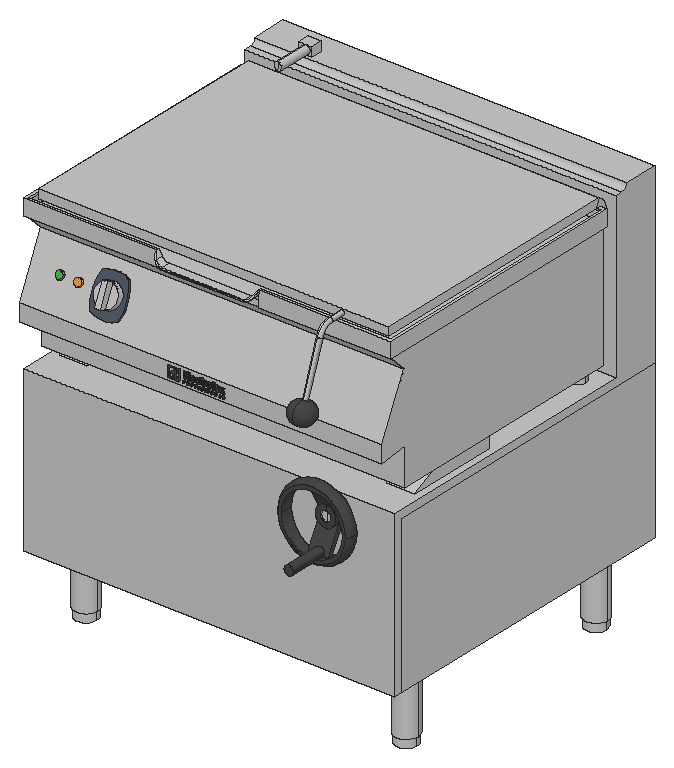
Revit family "QF_ELECTROLUXPROFESSIONAL_371356_E7PPADBAME", category Specialty Equipment, Revit 2018 (continued)
Automatic sketch dimensions
  Extrusion 26 sketch curve to Extrusion 26 sketch curve = 0.918 mm  (x4)
  Extrusion 26 sketch curve to Extrusion 26 sketch curve = 0.949 mm  (x2)
  Extrusion 26 sketch curve to Extrusion 26 sketch curve = 1.035 mm
  Extrusion 26 sketch curve to Extrusion 26 sketch curve = 1.047 mm
  Extrusion 26 sketch curve to Extrusion 26 sketch curve = 3.513 mm  (x2)
  plane 7 "Center Y" to Extrusion 26 sketch curve = 0.929 mm
  Extrusion 26 sketch curve to Extrusion 26 sketch curve = 0.045 mm  (x2)
  plane 7 "Center Y" to Extrusion 26 sketch curve = 8.262 mm
  Extrusion 26 sketch curve to Extrusion 26 sketch curve = 0.277 mm
  Extrusion 26 sketch curve to Extrusion 26 sketch curve = 0.3 mm  (x2)
  Extrusion 26 sketch curve to Extrusion 26 sketch curve = 0.004 mm  (x3)
  Extrusion 26 sketch curve to Extrusion 26 sketch curve = 0.636 mm
  Extrusion 26 sketch curve to Extrusion 26 sketch curve = 0.02 mm  (x2)
  plane 7 "Center Y" to Extrusion 26 sketch curve = 1.691 mm
  Extrusion 26 sketch curve to Extrusion 26 sketch curve = 0.479 mm  (x2)
  plane 7 "Center Y" to Extrusion 26 sketch curve = 9.025 mm
  Extrusion 26 sketch curve to Extrusion 26 sketch curve = 1.645 mm
  Extrusion 26 sketch curve to Extrusion 26 sketch curve = 1.672 mm
  plane 7 "Center Y" to Extrusion 26 sketch curve = 33.635 mm
  Extrusion 26 sketch curve to Extrusion 26 sketch curve = 1.71 mm
  Extrusion 26 sketch curve to Extrusion 26 sketch curve = 0.447 mm  (x2)
  Extrusion 26 sketch curve to Extrusion 26 sketch curve = 0.343 mm
  Extrusion 26 sketch curve to plane 7 "Center Y" = 27.203 mm
  Extrusion 26 sketch curve to Extrusion 26 sketch curve = 0.246 mm
  Extrusion 26 sketch curve to Extrusion 26 sketch curve = 0.124 mm  (x2)
  Extrusion 26 sketch curve to Extrusion 26 sketch curve = 1.995 mm
  plane 7 "Center Y" to Extrusion 26 sketch curve = 41.496 mm
  Extrusion 26 sketch curve to Extrusion 26 sketch curve = 0.996 mm  (x2)
  Extrusion 26 sketch curve to Extrusion 26 sketch curve = 0.509 mm
  Extrusion 26 sketch curve to Extrusion 26 sketch curve = 2.427 mm  (x2)
  Extrusion 26 sketch curve to Extrusion 26 sketch curve = 0.616 mm  (x2)
  Extrusion 26 sketch curve to Extrusion 26 sketch curve = 0.017 mm  (x2)
  Extrusion 26 sketch curve to Extrusion 26 sketch curve = 0.926 mm
  Extrusion 26 sketch curve to Extrusion 26 sketch curve = 0.911 mm
  Extrusion 26 sketch curve to Extrusion 26 sketch curve = 1.839 mm
  Extrusion 26 sketch curve to Extrusion 26 sketch curve = 0.306 mm  (x2)
  Extrusion 26 sketch curve to Extrusion 26 sketch curve = 0.917 mm  (x3)
  Extrusion 26 sketch curve to Extrusion 26 sketch curve = 0.159 mm  (x2)
  plane 7 "Center Y" to Extrusion 26 sketch curve = 41.047 mm
  Extrusion 26 sketch curve to Extrusion 26 sketch curve = 1.342 mm
  Extrusion 26 sketch curve to Extrusion 26 sketch curve = 0.187 mm  (x2)
  Extrusion 26 sketch curve to Extrusion 26 sketch curve = 0.679 mm  (x2)
  Extrusion 26 sketch curve to Extrusion 26 sketch curve = 0.67 mm
  Extrusion 26 sketch curve to Extrusion 26 sketch curve = 0.002 mm
  Extrusion 26 sketch curve to Extrusion 26 sketch curve = 0.007 mm  (x3)
  Extrusion 26 sketch curve to Extrusion 26 sketch curve = 0.383 mm  (x4)
  plane 7 "Center Y" to Extrusion 26 sketch curve = 10.956 mm
  plane 7 "Center Y" to Extrusion 26 sketch curve = 3.623 mm
  Extrusion 26 sketch curve to Extrusion 26 sketch curve = 0.075 mm  (x2)
  Extrusion 26 sketch curve to Extrusion 26 sketch curve = 0.677 mm  (x2)
  Extrusion 26 sketch curve to Extrusion 26 sketch curve = 0.957 mm
  Extrusion 26 sketch curve to Extrusion 26 sketch curve = 1.024 mm
  Extrusion 26 sketch curve to Extrusion 26 sketch curve = 0.328 mm  (x2)
  plane 7 "Center Y" to Extrusion 26 sketch curve = 11.673 mm
  Extrusion 26 sketch curve to Extrusion 26 sketch curve = 0.492 mm  (x2)
  plane 7 "Center Y" to Extrusion 26 sketch curve = 4.34 mm
  plane 7 "Center Y" to Extrusion 26 sketch curve = 41.017 mm
  Extrusion 26 sketch curve to Extrusion 26 sketch curve = 1.815 mm
  Extrusion 26 sketch curve to Extrusion 26 sketch curve = 3.936 mm
  plane 7 "Center Y" to Extrusion 26 sketch curve = 31.415 mm
  Extrusion 26 sketch curve to Extrusion 26 sketch curve = 1.802 mm
  Extrusion 26 sketch curve to Extrusion 26 sketch curve = 0.781 mm
  plane 7 "Center Y" to Extrusion 26 sketch curve = 19.099 mm  (x4)
  Extrusion 26 sketch curve to Extrusion 26 sketch curve = 4.769 mm
  Extrusion 26 sketch curve to plane 7 "Center Y" = 5.196 mm  (x4)
  Extrusion 26 sketch curve to Extrusion 26 sketch curve = 4.78 mm
  plane 7 "Center Y" to Extrusion 26 sketch curve = 35.027 mm
  Extrusion 26 sketch curve to Extrusion 26 sketch curve = 4.809 mm
  Extrusion 26 sketch curve to plane 7 "Center Y" = 16.967 mm
  Extrusion 26 sketch curve to Extrusion 26 sketch curve = 4.821 mm
  plane 7 "Center Y" to Extrusion 26 sketch curve = 5.046 mm
  Extrusion 26 sketch curve to Extrusion 26 sketch curve = 5.852 mm
  plane 7 "Center Y" to Extrusion 26 sketch curve = 48.571 mm
  Extrusion 26 sketch curve to Extrusion 26 sketch curve = 5.071 mm  (x3)
  plane 7 "Center Y" to Extrusion 26 sketch curve = 43.414 mm
  Extrusion 26 sketch curve to Extrusion 26 sketch curve = 0.003 mm  (x2)
  plane 7 "Center Y" to Extrusion 26 sketch curve = 4.025 mm
  Extrusion 26 sketch curve to Extrusion 26 sketch curve = 0.046 mm
  Extrusion 26 sketch curve to plane 7 "Center Y" = 33.514 mm
  Extrusion 26 sketch curve to Extrusion 26 sketch curve = 0.068 mm
  Extrusion 26 sketch curve to Extrusion 26 sketch curve = 10.348 mm
  Extrusion 26 sketch curve to plane 7 "Center Y" = 1.109 mm  (x2)
  Extrusion 26 sketch curve to Extrusion 26 sketch curve = 1.761 mm
  Extrusion 26 sketch curve to plane 7 "Center Y" = 12.677 mm
  Extrusion 26 sketch curve to Extrusion 26 sketch curve = 1.821 mm
  Extrusion 26 sketch curve to plane 7 "Center Y" = 16.886 mm
  Extrusion 26 sketch curve to Extrusion 26 sketch curve = 2.064 mm  (x2)
  Extrusion 26 sketch curve to Extrusion 26 sketch curve = 2.196 mm  (x3)
  Extrusion 26 sketch curve to Extrusion 26 sketch curve = 2.206 mm  (x2)
  plane 7 "Center Y" to Extrusion 26 sketch curve = 35.046 mm
  Extrusion 26 sketch curve to Extrusion 26 sketch curve = 2.216 mm
  Extrusion 26 sketch curve to Extrusion 26 sketch curve = 0.588 mm
  Extrusion 26 sketch curve to Extrusion 26 sketch curve = 0.037 mm
  Extrusion 26 sketch curve to Extrusion 26 sketch curve = 0.109 mm
  plane 7 "Center Y" to Extrusion 26 sketch curve = 5.055 mm
  Extrusion 26 sketch curve to Extrusion 26 sketch curve = 2.272 mm  (x2)
  plane 7 "Center Y" to Extrusion 26 sketch curve = 42.563 mm
  Extrusion 26 sketch curve to Extrusion 26 sketch curve = 2.435 mm
  Extrusion 26 sketch curve to Extrusion 26 sketch curve = 1.25 mm
  Extrusion 26 sketch curve to plane 7 "Center Y" = 14.134 mm
  Extrusion 26 sketch curve to Extrusion 26 sketch curve = 1.417 mm
  Extrusion 26 sketch curve to plane 7 "Center Y" = 2.606 mm  (x2)
  Extrusion 26 sketch curve to Extrusion 26 sketch curve = 1.558 mm  (x2)
  plane 7 "Center Y" to Extrusion 26 sketch curve = 48.847 mm
  Extrusion 26 sketch curve to Extrusion 26 sketch curve = 3.247 mm
  plane 7 "Center Y" to Extrusion 26 sketch curve = 45.992 mm  (x2)
  Extrusion 26 sketch curve to Extrusion 26 sketch curve = 0.339 mm
  Extrusion 26 sketch curve to Extrusion 26 sketch curve = 4.029 mm
  plane 7 "Center Y" to Extrusion 26 sketch curve = 39.7 mm
  Extrusion 26 sketch curve to Extrusion 26 sketch curve = 1.655 mm
  plane 7 "Center Y" to Extrusion 26 sketch curve = 32.831 mm
  Extrusion 26 sketch curve to Extrusion 26 sketch curve = 0.201 mm
  plane 7 "Center Y" to Extrusion 26 sketch curve = 0.396 mm
  Extrusion 26 sketch curve to Extrusion 26 sketch curve = 2.769 mm
  Extrusion 26 sketch curve to Extrusion 26 sketch curve = 0.162 mm
  Extrusion 26 sketch curve to Extrusion 26 sketch curve = 0.137 mm
  Extrusion 26 sketch curve to plane 7 "Center Y" = 34.541 mm
  Extrusion 26 sketch curve to Extrusion 26 sketch curve = 2.101 mm
  Extrusion 26 sketch curve to plane 7 "Center Y" = 36.959 mm
  Extrusion 26 sketch curve to Extrusion 26 sketch curve = 0.103 mm  (x2)
  Extrusion 26 sketch curve to Extrusion 26 sketch curve = 2.671 mm
  Extrusion 26 sketch curve to plane 7 "Center Y" = 22.411 mm
  Extrusion 26 sketch curve to Extrusion 26 sketch curve = 0.566 mm
  plane 7 "Center Y" to Extrusion 26 sketch curve = 13.558 mm
  Extrusion 26 sketch curve to Extrusion 26 sketch curve = 3.183 mm  (x2)
  plane 7 "Center Y" to Extrusion 26 sketch curve = 24.639 mm
  Extrusion 26 sketch curve to Extrusion 26 sketch curve = 5.077 mm
  plane 7 "Center Y" to Extrusion 26 sketch curve = 15.957 mm
  plane 7 "Center Y" to Extrusion 26 sketch curve = 22.241 mm
  Extrusion 26 sketch curve to plane 7 "Center Y" = 10.741 mm
  Extrusion 26 sketch curve to Extrusion 26 sketch curve = 0.627 mm
  Extrusion 26 sketch curve to plane 7 "Center Y" = 8.333 mm
  plane 7 "Center Y" to Extrusion 26 sketch curve = 9.441 mm  (x2)
  Extrusion 26 sketch curve to Extrusion 26 sketch curve = 0.262 mm
  plane 7 "Center Y" to Extrusion 26 sketch curve = 44.663 mm
  Extrusion 26 sketch curve to Extrusion 26 sketch curve = 1.773 mm
  plane 7 "Center Y" to Extrusion 26 sketch curve = 47.323 mm
  Extrusion 26 sketch curve to Extrusion 26 sketch curve = 1.793 mm
  Extrusion 26 sketch curve to Extrusion 26 sketch curve = 1.788 mm
  Extrusion 26 sketch curve to plane 7 "Center Y" = 14.458 mm
  Extrusion 26 sketch curve to Extrusion 26 sketch curve = 1.7 mm
  Extrusion 26 sketch curve to Extrusion 26 sketch curve = 1.733 mm
  Extrusion 26 sketch curve to Extrusion 26 sketch curve = 4.169 mm
  Extrusion 26 sketch curve to Extrusion 26 sketch curve = 1.242 mm
  Extrusion 26 sketch curve to Extrusion 26 sketch curve = 2.572 mm  (x2)
  plane 7 "Center Y" to Extrusion 26 sketch curve = 49.21 mm
  Extrusion 26 sketch curve to Extrusion 26 sketch curve = 2.881 mm
  Extrusion 26 sketch curve to Extrusion 26 sketch curve = 3.582 mm
  plane 7 "Center Y" to Extrusion 26 sketch curve = 12.181 mm
  Extrusion 26 sketch curve to Extrusion 26 sketch curve = 0.101 mm
  plane 7 "Center Y" to Extrusion 26 sketch curve = 42.659 mm
  Extrusion 26 sketch curve to Extrusion 26 sketch curve = 2.74 mm
  Extrusion 26 sketch curve to Extrusion 26 sketch curve = 1.113 mm
  Extrusion 26 sketch curve to plane 7 "Center Y" = 17.028 mm  (x2)
  Extrusion 26 sketch curve to Extrusion 26 sketch curve = 2.226 mm
  Extrusion 26 sketch curve to Extrusion 26 sketch curve = 2.28 mm
  Extrusion 26 sketch curve to Extrusion 26 sketch curve = 0.585 mm
  plane 7 "Center Y" to Extrusion 26 sketch curve = 41.157 mm
  Extrusion 26 sketch curve to Extrusion 26 sketch curve = 2.054 mm
  plane 7 "Center Y" to Extrusion 26 sketch curve = 50.827 mm
  Extrusion 26 sketch curve to Extrusion 26 sketch curve = 2.203 mm
  Extrusion 26 sketch curve to Extrusion 26 sketch curve = 1.51 mm
  Extrusion 26 sketch curve to Extrusion 26 sketch curve = 5.923 mm
  plane 7 "Center Y" to Extrusion 26 sketch curve = 13.188 mm
  Extrusion 26 sketch curve to Extrusion 26 sketch curve = 2.337 mm
  Extrusion 26 sketch curve to Extrusion 26 sketch curve = 1.561 mm
  Extrusion 26 sketch curve to Extrusion 26 sketch curve = 3.319 mm
  Extrusion 26 sketch curve to Extrusion 26 sketch curve = 0.191 mm
  Extrusion 26 sketch curve to Extrusion 26 sketch curve = 2.274 mm
  Extrusion 26 sketch curve to Extrusion 26 sketch curve = 3.888 mm  (x2)
  Extrusion 26 sketch curve to Extrusion 26 sketch curve = 0.986 mm
  Extrusion 26 sketch curve to Extrusion 26 sketch curve = 2.599 mm  (x2)
  Extrusion 26 sketch curve to Extrusion 26 sketch curve = 8.818 mm
  Extrusion 26 sketch curve to Extrusion 26 sketch curve = 1.867 mm
  Extrusion 26 sketch curve to Extrusion 26 sketch curve = 1.022 mm
  Extrusion 26 sketch curve to Extrusion 26 sketch curve = 0.998 mm  (x6)
  Extrusion 26 sketch curve to Extrusion 26 sketch curve = 1.117 mm
  Extrusion 26 sketch curve to Extrusion 26 sketch curve = 1.993 mm
  Extrusion 26 sketch curve to Extrusion 26 sketch curve = 1.073 mm
  Extrusion 26 sketch curve to Extrusion 26 sketch curve = 0.448 mm  (x2)
  Extrusion 26 sketch curve to Extrusion 26 sketch curve = 0.9 mm
  Extrusion 26 sketch curve to Extrusion 26 sketch curve = 1.072 mm
  Extrusion 26 sketch curve to Extrusion 26 sketch curve = 2.437 mm
  Extrusion 26 sketch curve to Extrusion 26 sketch curve = 1.008 mm
  Extrusion 26 sketch curve to Extrusion 26 sketch curve = 2.221 mm
  Extrusion 26 sketch curve to Extrusion 26 sketch curve = 0.971 mm
  Extrusion 26 sketch curve to Extrusion 26 sketch curve = 2.438 mm
  Extrusion 26 sketch curve to Extrusion 26 sketch curve = 1.849 mm
  Extrusion 26 sketch curve to Extrusion 26 sketch curve = 2.419 mm
  Extrusion 26 sketch curve to Extrusion 26 sketch curve = 6.696 mm  (x2)
  Extrusion 26 sketch curve to Extrusion 26 sketch curve = 5.345 mm
  Extrusion 26 sketch curve to Extrusion 26 sketch curve = 0.421 mm  (x2)
  Extrusion 26 sketch curve to Extrusion 26 sketch curve = 0.078 mm  (x2)
  Extrusion 26 sketch curve to Extrusion 26 sketch curve = 0.133 mm  (x2)
  Extrusion 26 sketch curve to Extrusion 26 sketch curve = 0.006 mm  (x2)
  Extrusion 26 sketch curve to Extrusion 26 sketch curve = 0.23 mm  (x2)
  Extrusion 26 sketch curve to Extrusion 26 sketch curve = 0.065 mm  (x2)
  Extrusion 26 sketch curve to Extrusion 26 sketch curve = 0.279 mm  (x2)
  Extrusion 26 sketch curve to Extrusion 26 sketch curve = 0.251 mm  (x2)
  Extrusion 26 sketch curve to Extrusion 26 sketch curve = 0.134 mm  (x2)
  Extrusion 26 sketch curve to Extrusion 26 sketch curve = 0.009 mm  (x2)
  Extrusion 26 sketch curve to Extrusion 26 sketch curve = 0.164 mm  (x2)
  Extrusion 26 sketch curve to Extrusion 26 sketch curve = 0.077 mm  (x2)
  Extrusion 26 sketch curve to Extrusion 26 sketch curve = 0.866 mm
  Extrusion 26 sketch curve to Extrusion 26 sketch curve = 2.398 mm
  Extrusion 26 sketch curve to Extrusion 26 sketch curve = 2.034 mm
  Extrusion 26 sketch curve to Extrusion 26 sketch curve = 2.418 mm
  Extrusion 26 sketch curve to plane 7 "Center Y" = 2.906 mm
  Extrusion 26 sketch curve to plane 7 "Center Y" = 2.953 mm
  Extrusion 26 sketch curve to Extrusion 26 sketch curve = 0.135 mm
  Extrusion 26 sketch curve to Extrusion 26 sketch curve = 0.977 mm
  Extrusion 26 sketch curve to Extrusion 26 sketch curve = 0.409 mm
  Extrusion 26 sketch curve to Extrusion 26 sketch curve = 4.118 mm
  Extrusion 26 sketch curve to Extrusion 26 sketch curve = 0.175 mm
  Extrusion 26 sketch curve to Extrusion 26 sketch curve = 1.289 mm
  Extrusion 26 sketch curve to Extrusion 26 sketch curve = 1.827 mm
  Extrusion 26 sketch curve to Extrusion 26 sketch curve = 2.51 mm
  Extrusion 26 sketch curve to Extrusion 26 sketch curve = 0.061 mm
  Extrusion 26 sketch curve to Extrusion 26 sketch curve = 6.931 mm
  Extrusion 26 sketch curve to Extrusion 26 sketch curve = 1.165 mm
  Extrusion 26 sketch curve to Extrusion 26 sketch curve = 2.417 mm
  Extrusion 26 sketch curve to Extrusion 26 sketch curve = 1.133 mm
  Extrusion 26 sketch curve to Extrusion 26 sketch curve = 0.82 mm
  Extrusion 26 sketch curve to Extrusion 26 sketch curve = 1.717 mm
  Extrusion 26 sketch curve to Extrusion 26 sketch curve = 0.161 mm
  Extrusion 26 sketch curve to Extrusion 26 sketch curve = 1.885 mm
  Extrusion 26 sketch curve to Extrusion 26 sketch curve = 2.261 mm
  Extrusion 26 sketch curve to Extrusion 26 sketch curve = 1.718 mm
  Extrusion 26 sketch curve to Extrusion 26 sketch curve = 0.886 mm
  Extrusion 26 sketch curve to Extrusion 26 sketch curve = 0.969 mm
  Extrusion 26 sketch curve to Extrusion 26 sketch curve = 0.001 mm
  Extrusion 26 sketch curve to Extrusion 26 sketch curve = 5.646 mm
  Extrusion 26 sketch curve to Extrusion 26 sketch curve = 0.067 mm
  Extrusion 26 sketch curve to Extrusion 26 sketch curve = 0.04 mm
  Extrusion 26 sketch curve to Extrusion 26 sketch curve = 0.939 mm
  Extrusion 26 sketch curve to Extrusion 26 sketch curve = 0.873 mm
  Extrusion 26 sketch curve to Extrusion 26 sketch curve = 9.714 mm
  Extrusion 26 sketch curve to Extrusion 26 sketch curve = 8.795 mm
  Extrusion 26 sketch curve to Extrusion 26 sketch curve = 1.097 mm  (x2)
  Extrusion 26 sketch curve to Extrusion 26 sketch curve = 1.972 mm
  Extrusion 26 sketch curve to Extrusion 26 sketch curve = 0.238 mm
  Extrusion 26 sketch curve to Extrusion 26 sketch curve = 0.047 mm
  Extrusion 26 sketch curve to Extrusion 26 sketch curve = 3.568 mm
  Extrusion 26 sketch curve to Extrusion 26 sketch curve = 3.898 mm
  Extrusion 26 sketch curve to Extrusion 26 sketch curve = 0.915 mm  (x2)
  Extrusion 26 sketch curve to Extrusion 26 sketch curve = 0.408 mm  (x2)
  Extrusion 26 sketch curve to Extrusion 26 sketch curve = 0.453 mm  (x2)
  Extrusion 26 sketch curve to Extrusion 26 sketch curve = 0.239 mm  (x2)
  Extrusion 26 sketch curve to Extrusion 26 sketch curve = 0.266 mm  (x2)
  Extrusion 26 sketch curve to Extrusion 26 sketch curve = 0.148 mm  (x2)
  Extrusion 26 sketch curve to Extrusion 26 sketch curve = 0.764 mm  (x2)
  Extrusion 26 sketch curve to Extrusion 26 sketch curve = 0.041 mm  (x2)
  Extrusion 26 sketch curve to Extrusion 26 sketch curve = 1.266 mm  (x2)
  radius of Sweep 22 sketch curve = 5 mm
  radius of Extrusion 28 sketch curve = 25.4 mm
  radius of Extrusion 29 sketch curve to Extrusion 28 = 0 mm  (x2)
  radius of Extrusion 33 sketch curve = 3.175 mm
  radius of Extrusion 32 sketch curve = 6.35 mm
  radius of Sweep 10 sketch curve = 5 mm
  radius of Sweep 13 sketch curve = 80 mm
  radius of Extrusion 15 sketch curve = 10 mm
  radius of Extrusion 18 sketch curve = 15 mm  (x2)
  radius of Extrusion 30 sketch curve = 8 mm
  radius of Extrusion 31 sketch curve = 8 mm
  radius of Extrusion 26 sketch curve = 2.521 mm  (x2)
  radius of Extrusion 26 sketch curve = 1.6 mm
  radius of Extrusion 26 sketch curve = 1.51 mm
Connectors
  piping at (389, -559.5, 326), diameter 12.8
    settings: on Extrusion 32, index 1, connector inside diameter 0.50394", connector length 0 mm, flow factor 0, pipe flow 0 GPM, pressure drop 0.00 psi, fitting loss kfactor 0, connector angle 0.00°, fixture units 0, engagement length 0 mm, angle of deflection 0.00°, flow configuration 1, flow direction 1, fitting loss method 0, system type 20, joint type 0, gender type 0, connector reference index -1, connector utility 0, adjustable connector no, is connector primary yes, connector description "Domestic Cold Water Inlet"
  electrical at (340, -501.5, 221), driven by "Volts"
    settings: on Extrusion 33, index 2, voltage 380 V, apparent load 9500 VA, apparent load phase1 0 VA, apparent load phase2 0 VA, apparent load phase3 0 VA, power factor 1, load classification "Other", number of poles 1, system type 30, power factor state 1, is connector primary yes, connector utility no, sub classification motor no, connector description "Electrical Connection"
